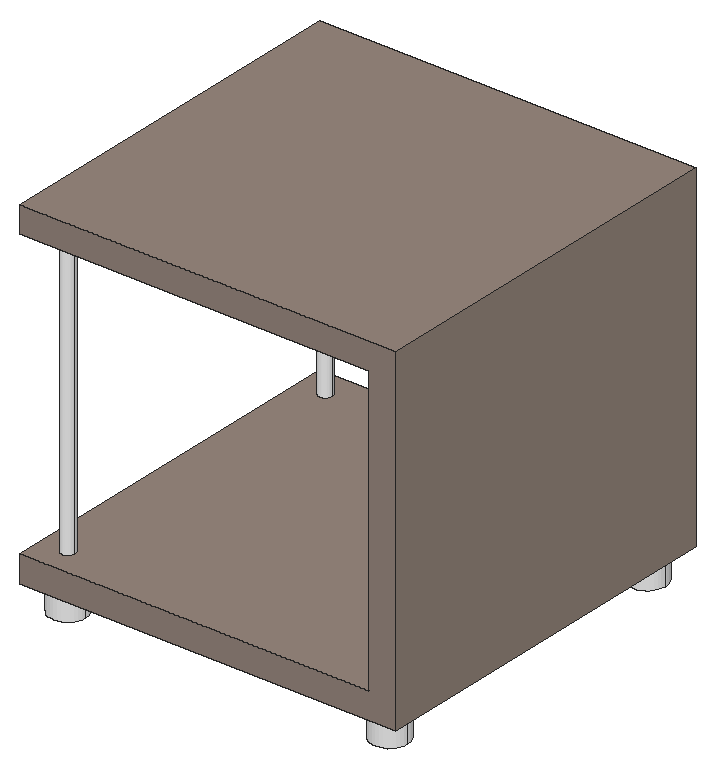
Revit family "Mesa de canto", category Furniture, Revit 2016
Family settings
  Work Plane-Based = No
  Always vertical = Yes
  Cut with Voids When Loaded = No
  Shared = No
  Room Calculation Point = No
Parameters
  Height = 41 cm
  Legs = Herman Miller - Finish PA Polished Aluminum
  Main Unit = Herman Miller - Veneer Z5 Maple
  Width = 42 cm
  Depth = 42 cm
  Pipe = Herman Miller - Finish 47 Trivalent Chrome
  Keynote = "12490.EE3"
Reference planes (cm)
  plane 1 "Center (Front/Back)": y = 8.52
  plane 2: z = 0
  plane 3 "Center (Left/Right)": x = 5.48
  plane 4: x = -15.52
  plane 5: x = 26.48
  plane 6: y = 29.52
  plane 7: y = -12.48
  plane 8: x = 23.48
  plane 9: x = -12.52
  plane 10: y = 26.52
  plane 11: y = -9.48
  plane 12: z = 41
  plane 13: z = 38
  plane 14: z = 3
  plane 15: z = 6
Forms (cm)
  Extrusion 1, solid, material "Herman Miller - Veneer Z5 Maple" <- "Main Unit"
    sketch origin (0, 8.52, 0) x (1, 0, 0) y (0, 0, 1)
      loop
        line (-15.52, 41) -> (-15.52, 38) -> (23.48, 38) -> (23.48, 6) -> (-15.52, 6) -> (-15.52, 3) -> (26.48, 3) -> (26.48, 41) -> (-15.52, 41)
    from -21 to 21
  Extrusion 2, solid, material "Herman Miller - Finish PA Polished Aluminum" <- "Legs"
    sketch origin (0, 0, 0) x (1, 0, 0) y (0, 1, 0)
      loop
        circle (-12.52, 26.52) r 2
      loop
        circle (-12.52, -9.48) r 2
      loop
        circle (23.48, -9.48) r 2
      loop
        circle (23.48, 26.52) r 2
    from 0 to 3
  Extrusion 3, solid, material "Herman Miller - Finish 47 Trivalent Chrome" <- "Pipe"
    sketch origin (0, 0, 0) x (1, 0, 0) y (0, 1, 0)
      loop
        circle (-12.52, 26.52) r 0.75
      loop
        circle (-12.52, -9.48) r 0.75
    from 6 to 38
Lines and regions (cm)
  Masking region 1
    outline origin (0, 0, 0) x (1, 0, 0) y (0, 1, 0)
      loop
        line (-15.52, 29.52) -> (-15.52, -12.48) -> (26.48, -12.48) -> (26.48, 29.52) -> (-15.52, 29.52)
  symbolic lines
    curve 1: line (-15.52, 29.52, 0) -> (-15.52, -12.48, 0)
    curve 2: line (-15.52, -12.48, 0) -> (26.48, -12.48, 0)
    curve 3: line (26.48, -12.48, 0) -> (26.48, 29.52, 0)
    curve 4: line (26.48, 29.52, 0) -> (-15.52, 29.52, 0)
    curve 5: line (23.48, 29.52, 0) -> (23.48, -12.48, 0)
Dimensions and locks (cm)
  equal spacing: plane 4, plane 3 "Center (Left/Right)", plane 5
  "Width": plane 4 to plane 5
  equal spacing: plane 7, plane 1 "Center (Front/Back)", plane 6
  "Depth": plane 7 to plane 6
  locked: plane 4 to plane 9 at 3
  locked: plane 8 to plane 5 at 3
  locked: plane 10 to plane 6 at 3
  locked: plane 7 to plane 11 at 3
  plane 14 to level = 3 cm
  locked: plane 15 to plane 14 at 3
  locked: plane 12 to plane 13 at 3
  "Height": plane 12 to level
  aligned and locked: plane 4 to Extrusion 1 sketch curve
  aligned and locked: Extrusion 1 sketch curve to plane 12
  aligned and locked: plane 14 to Extrusion 1 sketch curve
  aligned and locked: Extrusion 1 sketch curve to plane 5
  aligned and locked: Extrusion 1 sketch curve to plane 13
  aligned and locked: plane 15 to Extrusion 1 sketch curve
  aligned and locked: Extrusion 1 sketch curve to plane 8
  aligned and locked: plane 7 to Extrusion 1
  aligned and locked: Extrusion 1 to plane 6
  aligned and locked: plane 14 to Extrusion 2
  aligned and locked: plane 13 to Extrusion 3
  aligned and locked: Extrusion 3 to plane 15
Automatic sketch dimensions
  Extrusion 1 sketch curve to plane 4 = 0 cm
  Extrusion 2 sketch curve to plane 9 = 0 cm  (x2)
  Extrusion 2 sketch curve to plane 8 = 0 cm  (x2)
  Extrusion 2 sketch curve to plane 11 = 0 cm  (x2)
  Extrusion 2 sketch curve to plane 10 = 0 cm  (x2)
  Extrusion 3 sketch curve to plane 9 = 0 cm  (x2)
  Extrusion 3 sketch curve to plane 11 = 0 cm
  Extrusion 3 sketch curve to plane 10 = 0 cm
  Masking region 1 sketch curve to plane 4 = 0 cm
  Masking region 1 sketch curve to plane 5 = 0 cm
  Masking region 1 sketch curve to plane 7 = 0 cm
  Masking region 1 sketch curve to plane 6 = 0 cm
  curve 1 to plane 4 = 0 cm
  curve 3 to plane 5 = 0 cm
  curve 5 to plane 6 = 0 cm
  curve 5 to plane 8 = 0 cm
  curve 5 to plane 7 = 0 cm
  radius of Extrusion 2 sketch curve = 2 cm  (x4)
  radius of Extrusion 3 sketch curve = 0.75 cm  (x2)
